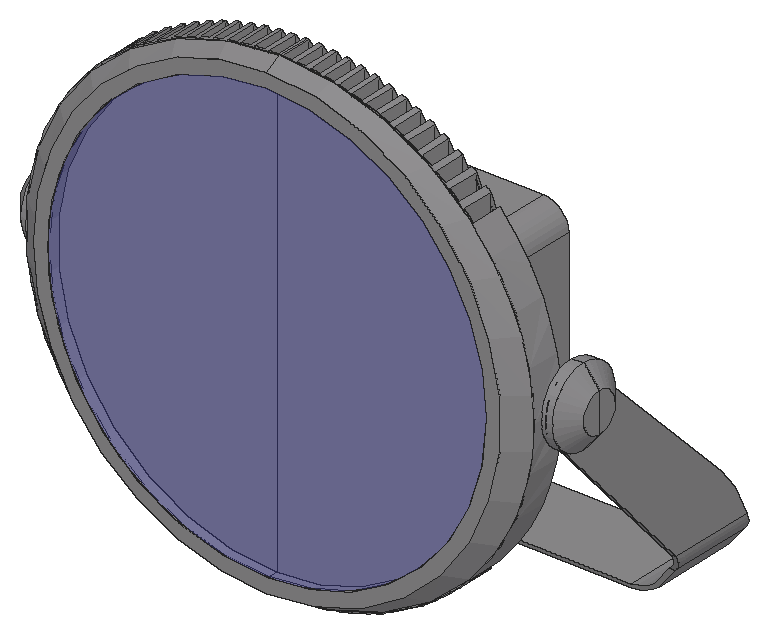
Revit family "APEX-400SP-50701-TR", category Lighting Fixtures, host Face, Revit 2022
Family settings
  Host = Face
  Round Connector Dimension = Use Diameter
  Part Type = Normal
  Cut with Voids When Loaded = Yes
  Light Source = Yes
  Maintain Annotation Orientation = No
  Shared = No
  Room Calculation Point = No
Parameters (values of type "APEX-400SP-400W-5000K-12D")
  Wattage Comments = "400W"
  Wattage = 450.378 W
  built-in parameter 1150110 = 1 (stored number, unit not read)
  URL = "https://www.abovealllighting.com/Product/LED-OUTDOOR-FIXTURES/LEDSportLight/APEXLEDSportLight-TrunnionMount.html"
  built-in parameter 1114217 = 1 (stored number, unit not read)
  Tilt Angle = 90.00°
  built-in parameter 1150109 = 1 (stored number, unit not read)
  built-in parameter 1150134 = 2
  built-in parameter 1150113 = 1 (stored number, unit not read)
  Power Factor = "0.9"
  Photometric Web File = "APEX-400SP-400W-5000K-CRI70-12D.IES"
  Model = "APEX-400SP-50701-TR-12-GY"
  Manufacturer = "Above All Lighting"  # constant formula
  built-in parameter 1150105 = 913487.3 (stored number, unit not read)
  Lumens = 66900 lm
  built-in parameter 1150115 = 1 (stored number, unit not read)
  Load Classification = Lighting
  built-in parameter 1150137 = (empty or 0)
  built-in parameter 1150139 = (empty or 0)
  built-in parameter 1150112 = 1 (stored number, unit not read)
  built-in parameter 1150114 = 1 (stored number, unit not read)
  Lamp = "LED"
  Input Voltage = "120-277V"
  built-in parameter 1150132 = 2
  built-in parameter 1150102 = (empty or 0)
  built-in parameter 1150107 = 5000 (stored number, unit not read)
  built-in parameter 1150138 = (empty or 0)
  built-in parameter 1150106 = 9134.9 (stored number, unit not read)
  IP Rating = "IP66"
  IK Rating = "IK08"
  built-in parameter 1150104 = 13.8 (stored number, unit not read)
  Dimming Lamp Color Temperature Shift = <None>
  Default Elevation = 0' - 0"
  Color Filter = 16777215
  CRI = "70"
  Beam Angle = 12.00°
  built-in parameter 1114218 = 1 (stored number, unit not read)
  built-in parameter 1150133 = 10 (stored number, unit not read)
Types (7): name | Photometric Web File | Model | Beam Angle
  (no name) | "APEX-400SP-400W-5000K-CRI70-12D.IES" | "APEX-400SP-50701-TR-12-GY" | 12.00°
  APEX-400SP-400W-5000K-12D | "APEX-400SP-400W-5000K-CRI70-12D.IES" | "APEX-400SP-50701-TR-12-GY" | 12.00°
  APEX-400SP-400W-5000K-17D | "APEX-400SP-400W-5000K-CRI70-17D.IES" | "APEX-400SP-50701-TR-17-GY" | 17.00°
  APEX-400SP-400W-5000K-22D | "APEX-400SP-400W-5000K-CRI70-22D.IES" | "APEX-400SP-50701-TR-22-GY" | 22.00°
  APEX-400SP-400W-5000K-30D | "APEX-400SP-400W-5000K-CRI70-30D.IES" | "APEX-400SP-50701-TR-30-GY" | 30.00°
  APEX-400SP-400W-5000K-45D | "APEX-400SP-400W-5000K-CRI70-45D.IES" | "APEX-400SP-50701-TR-45-GY" | 45.00°
  APEX-400SP-400W-5000K-60D | "APEX-400SP-400W-5000K-CRI70-60D.IES" | "APEX-400SP-50701-TR-60-GY" | 60.00°
Reference planes (in)
  plane 1 "Center (Front/Back)": y = 0
  plane 2: z = 0
  plane 3 "Center (Left/Right)": x = 0
  plane 4: z = 15.75
  plane 5: x = -8.445
  plane 6: x = 8.445
  plane 7: y = 9.68
  plane 8: z = 7.625
Forms (in)
  Extrusion 1, void
    sketch origin (0, 12.75, 0) x (1, 0, 0) y (0, 0, 1)
      loop
        line (5.49708, 14.75) -> (5.49708, 0.25) -> (5.77638, 0.25) -> (5.77638, 14.75) -> (5.49708, 14.75)
      loop
        line (5.07886, 14.75) -> (5.07886, 0.25) -> (5.35816, 0.25) -> (5.35816, 14.75) -> (5.07886, 14.75)
      loop
        line (4.66063, 14.75) -> (4.66063, 0.25) -> (4.93993, 0.25) -> (4.93993, 14.75) -> (4.66063, 14.75)
      loop
        line (4.24241, 14.75) -> (4.24241, 0.25) -> (4.52171, 0.25) -> (4.52171, 14.75) -> (4.24241, 14.75)
      loop
        line (3.82419, 14.75) -> (3.82419, 0.25) -> (4.10349, 0.25) -> (4.10349, 14.75) -> (3.82419, 14.75)
      loop
        line (3.40597, 14.75) -> (3.40597, 0.25) -> (3.68527, 0.25) -> (3.68527, 14.75) -> (3.40597, 14.75)
      loop
        line (2.98775, 14.75) -> (2.98775, 0.25) -> (3.26705, 0.25) -> (3.26705, 14.75) -> (2.98775, 14.75)
      loop
        line (2.56953, 14.75) -> (2.56953, 0.25) -> (2.84883, 0.25) -> (2.84883, 14.75) -> (2.56953, 14.75)
      loop
        line (2.1513, 14.75) -> (2.1513, 0.25) -> (2.4306, 0.25) -> (2.4306, 14.75) -> (2.1513, 14.75)
      loop
        line (1.73308, 14.75) -> (1.73308, 0.25) -> (2.01238, 0.25) -> (2.01238, 14.75) -> (1.73308, 14.75)
      loop
        line (1.31486, 15.14261) -> (1.31486, 0.25) -> (1.59416, 0.25) -> (1.59416, 15.14261) -> (1.31486, 15.14261)
      loop
        line (0.89664, 15.1914) -> (0.89664, 0.25) -> (1.17594, 0.25) -> (1.17594, 15.1914) -> (0.89664, 15.1914)
      loop
        line (0.47842, 15.24019) -> (0.47842, 0.25) -> (0.75772, 0.25) -> (0.75772, 15.24019) -> (0.47842, 15.24019)
      loop
        line (0.06019, 15.1914) -> (0.06019, 0.25) -> (0.33949, 0.25) -> (0.33949, 15.1914) -> (0.06019, 15.1914)
      loop
        line (-5.49708, 14.75) -> (-5.77638, 14.75) -> (-5.77638, 0.25) -> (-5.49708, 0.25) -> (-5.49708, 14.75)
      loop
        line (-5.07886, 14.75) -> (-5.35816, 14.75) -> (-5.35816, 0.25) -> (-5.07886, 0.25) -> (-5.07886, 14.75)
      loop
        line (-4.66063, 14.75) -> (-4.93993, 14.75) -> (-4.93993, 0.25) -> (-4.66063, 0.25) -> (-4.66063, 14.75)
      loop
        line (-4.24241, 14.75) -> (-4.52171, 14.75) -> (-4.52171, 0.25) -> (-4.24241, 0.25) -> (-4.24241, 14.75)
      loop
        line (-3.82419, 14.75) -> (-4.10349, 14.75) -> (-4.10349, 0.25) -> (-3.82419, 0.25) -> (-3.82419, 14.75)
      loop
        line (-3.40597, 14.75) -> (-3.68527, 14.75) -> (-3.68527, 0.25) -> (-3.40597, 0.25) -> (-3.40597, 14.75)
      loop
        line (-2.98775, 14.75) -> (-3.26705, 14.75) -> (-3.26705, 0.25) -> (-2.98775, 0.25) -> (-2.98775, 14.75)
      loop
        line (-2.56953, 14.75) -> (-2.84883, 14.75) -> (-2.84883, 0.25) -> (-2.56953, 0.25) -> (-2.56953, 14.75)
      loop
        line (-2.1513, 14.75) -> (-2.4306, 14.75) -> (-2.4306, 0.25) -> (-2.1513, 0.25) -> (-2.1513, 14.75)
      loop
        line (-1.73308, 14.75) -> (-2.01238, 14.75) -> (-2.01238, 0.25) -> (-1.73308, 0.25) -> (-1.73308, 14.75)
      loop
        line (-1.31486, 15.17188) -> (-1.59416, 15.17188) -> (-1.59416, 0.25) -> (-1.31486, 0.25) -> (-1.31486, 15.17188)
      loop
        line (-0.89664, 15.18164) -> (-1.17594, 15.18164) -> (-1.17594, 0.25) -> (-0.89664, 0.25) -> (-0.89664, 15.18164)
      loop
        line (-0.47842, 15.14261) -> (-0.75772, 15.14261) -> (-0.75772, 0.25) -> (-0.47842, 0.25) -> (-0.47842, 15.14261)
      loop
        line (-0.06019, 15.18164) -> (-0.33949, 15.18164) -> (-0.33949, 0.25) -> (-0.06019, 0.25) -> (-0.06019, 15.18164)
    from 10.23915 to 12.25
  Revolve 2, void
    sketch origin (0, 0, 0) x (0, 1, 0) y (0, 0, 1)
      loop
        line (-0.23932, 7.625) -> (0.3619, 7.625) -> (0.3619, 14.20576) -> (-0.23932, 14.20576) -> (-0.23932, 7.625)
      axis (0.3619, 7.625) -> (-0.23932, 7.625)
    angle from 0 to 360
  Extrusion 3, solid, material "Default"
    sketch origin (0, 15, 0) x (1, 0, 0) y (0, 0, 1)
      loop
        line (3.56354, 10.00409) -> (-3.56354, 10.00409)
        arc (-3.56354, 10.00409) -> (-4.09387, 9.78442) -> (-4.31354, 9.25409) r 0.75
        line (-4.31354, 9.25409) -> (-4.31354, 5.38766)
        arc (-4.31354, 5.38766) -> (-4.09387, 4.85733) -> (-3.56354, 4.63766) r 0.75
        line (-3.56354, 4.63766) -> (3.56354, 4.63766)
        arc (3.56354, 4.63766) -> (4.09387, 4.85733) -> (4.31354, 5.38766) r 0.75
        line (4.31354, 5.38766) -> (4.31354, 9.25409)
        arc (4.31354, 9.25409) -> (4.09387, 9.78442) -> (3.56354, 10.00409) r 0.75
    from 9.10697 to 12.5
  Extrusion 4, solid, material "Default"
    sketch origin (0, 13.40137, 0) x (1, 0, 0) y (0, 0, 1)
      loop
        line (-7.62621, 8.93609) -> (-7.75121, 8.93609) -> (-7.75121, 1.86939)
        arc (-7.75121, 1.86939) -> (-7.67929, 1.545) -> (-7.47702, 1.28139) r 0.76758
        line (-7.47702, 1.28139) -> (-6.7055, 0.40742)
        arc (-6.7055, 0.40742) -> (-6.28035, 0.12718) -> (-5.78729, 0) r 1.54844
        line (-5.78729, 0) -> (0, 0) -> (5.78729, 0)
        arc (5.78729, 0) -> (6.28035, 0.12718) -> (6.7055, 0.40742) r 1.54844
        line (6.7055, 0.40742) -> (7.47702, 1.28139)
        arc (7.47702, 1.28139) -> (7.67929, 1.545) -> (7.75121, 1.86939) r 0.76758
        line (7.75121, 1.86939) -> (7.75121, 8.93609) -> (7.62621, 8.93609) -> (7.62621, 1.86939)
        arc (7.62621, 1.86939) -> (7.5641, 1.59378) -> (7.38978, 1.37144) r 0.64258
        line (7.38978, 1.37144) -> (6.616, 0.49491)
        arc (6.616, 0.49491) -> (6.22931, 0.24128) -> (5.78172, 0.125) r 1.42344
        line (5.78172, 0.125) -> (0, 0.125) -> (-5.78172, 0.125)
        arc (-5.78172, 0.125) -> (-6.22931, 0.24128) -> (-6.616, 0.49491) r 1.42344
        line (-6.616, 0.49491) -> (-7.38978, 1.37144)
        arc (-7.38978, 1.37144) -> (-7.5641, 1.59378) -> (-7.62621, 1.86939) r 0.64258
        line (-7.62621, 1.86939) -> (-7.62621, 8.93609)
    from 4.30528 to 12.65137
  Extrusion 5, void
    sketch origin (0, 0, 0) x (0, 1, 0) y (0, 0, 1)
      loop
        line (7.30435, 3.43164) -> (7.84854, 2.78309) -> (8.87473, 0.58243) -> (9.14981, -0.31733) -> (10.00459, -0.31733) -> (10.00459, 9.43267) -> (-0.78521, 9.43267) -> (-0.78521, -0.09259) -> (6.46479, -0.09259) -> (6.07579, 1.17977) -> (5.58627, 1.90553) -> (1.23692, 6.73597)
        arc (1.23692, 6.73597) -> (0.8673, 7.11139) -> (0.75, 7.625) r 0.96481
        arc (0.75, 7.625) -> (1.25266, 8.52278) -> (2.27945, 8.45654) r 0.96481
        line (2.27945, 8.45654) -> (7.30435, 3.43164)
    from -8.445 to 8.445
  Revolve 6, solid, material "Default"
    sketch origin (0, 1.89632, 0) x (1, 0, 0) y (0, 0, 1)
      loop
        line (-7.62621, 7.625) -> (-7.62621, 8.79036) -> (-7.96291, 8.79036) -> (-8.445, 8.21582) -> (-8.445, 7.625) -> (-7.62621, 7.625)
      axis (-7.62621, 7.625) -> (-8.445, 7.625)
    angle from 0 to 360
  Revolve 7, solid, material "Default"
    sketch origin (0, 1.89632, 0) x (-1, 0, 0) y (0, 0, -1)
      loop
        line (-7.62621, -7.625) -> (-8.445, -7.625) -> (-8.445, -8.21582) -> (-7.96291, -8.79036) -> (-7.62621, -8.79036) -> (-7.62621, -7.625)
      axis (-7.62621, -7.625) -> (-8.445, -7.625)
    angle from 0 to 360
  SweptBlend 8, solid, material "Default"
    path origin (0, 0, 0) x (0, 1, 0) y (0, 0, 1)
      loop
        line (0, 7.625) -> (0.48915, 7.625)
    profile origin (0, 0, 7.625) x (0, 0, 1) y (1, 0, 0)
      loop
        circle (0, 0) r 7
    end profile origin (0, 0.48915, 7.625) x (0, 0, 1) y (1, 0, 0)
      loop
        spline (7.2489, 0) -> (7.0019, 1.97381) -> (6.27773, 3.8131) -> (5.12575, 5.39254) -> (3.62445, 6.60449) -> (1.87615, 7.36635) -> (0, 7.62621) -> (-1.87615, 7.36635) -> (-3.62445, 6.60449) -> (-5.12575, 5.39254) -> (-6.27773, 3.8131) -> (-7.0019, 1.97381) -> (-7.2489, 0)
        spline (-7.2489, 0) -> (-7.0019, -1.97381) -> (-6.27773, -3.8131) -> (-5.12575, -5.39254) -> (-3.62445, -6.60449) -> (-1.87615, -7.36635) -> (0, -7.62621) -> (1.87615, -7.36635) -> (3.62445, -6.60449) -> (5.12575, -5.39254) -> (6.27773, -3.8131) -> (7.0019, -1.97381) -> (7.2489, 0)
  Extrusion 9, solid, material "Glass"
    sketch origin (0, 0, 0) x (1, 0, 0) y (0, 0, 1)
      loop
        circle (0, 7.625) r 6.58076
    from -0.06301 to 0
  SweptBlend 10, solid, material "Default"
    path origin (0, 0, 0) x (0, 1, 0) y (0, 0, 1)
      loop
        line (1.50137, 7.625) -> (2.51085, 7.625)
    profile origin (0, 1.50137, 7.625) x (0, 0, 1) y (1, 0, 0)
      loop
        spline (7.2489, 0) -> (7.00186, 1.9748) -> (6.27758, 3.81503) -> (5.12542, 5.39526) -> (3.6239, 6.60782) -> (1.87534, 7.37007) -> (-0.0011, 7.63005) -> (-1.87754, 7.37007) -> (-3.6261, 6.60782) -> (-5.12762, 5.39526) -> (-6.27978, 3.81503) -> (-7.00406, 1.9748) -> (-7.2511, 0)
        spline (-7.2511, 0) -> (-7.00406, -1.9748) -> (-6.27978, -3.81503) -> (-5.12762, -5.39526) -> (-3.6261, -6.60782) -> (-1.87754, -7.37007) -> (-0.0011, -7.63005) -> (1.87534, -7.37007) -> (3.6239, -6.60782) -> (5.12542, -5.39526) -> (6.27758, -3.81503) -> (7.00186, -1.9748) -> (7.2489, 0)
    end profile origin (0, 2.51085, 7.625) x (0, 0, 1) y (1, 0, 0)
      loop
        circle (0, 0) r 5.6581
  Extrusion 11, solid, material "Default"
    sketch origin (0, 0, 0) x (1, 0, 0) y (0, 0, 1)
      loop
        spline (0, 14.87345) -> (-1.97111, 14.63892) -> (-3.81067, 13.92151) -> (-5.39207, 12.7706) -> (-6.60645, 11.26541) -> (-7.3702, 9.50956) -> (-7.63076, 7.6239) -> (-7.3702, 5.73824) -> (-6.60645, 3.98239) -> (-5.39207, 2.4772) -> (-3.81067, 1.32628) -> (-1.97111, 0.60888) -> (0, 0.37435)
        spline (0, 0.37435) -> (1.97111, 0.60888) -> (3.81067, 1.32628) -> (5.39207, 2.4772) -> (6.60645, 3.98239) -> (7.3702, 5.73824) -> (7.63076, 7.6239) -> (7.3702, 9.50956) -> (6.60645, 11.26541) -> (5.39207, 12.7706) -> (3.81067, 13.92151) -> (1.97111, 14.63892) -> (0, 14.87345)
    from -1.50137 to -0.48915
  Extrusion 12, solid, material "Default", not visible
    sketch origin (0, 13.40137, 0) x (1, 0, 0) y (0, 0, 1)
      loop
        line (-7.62621, 8.93609) -> (-7.75121, 8.93609) -> (-7.75121, 1.86939)
        arc (-7.75121, 1.86939) -> (-7.67929, 1.545) -> (-7.47702, 1.28139) r 0.76758
        line (-7.47702, 1.28139) -> (-6.7055, 0.40742)
        arc (-6.7055, 0.40742) -> (-6.28035, 0.12718) -> (-5.78729, 0) r 1.54844
        line (-5.78729, 0) -> (0, 0) -> (5.78729, 0)
        arc (5.78729, 0) -> (6.28035, 0.12718) -> (6.7055, 0.40742) r 1.54844
        line (6.7055, 0.40742) -> (7.47702, 1.28139)
        arc (7.47702, 1.28139) -> (7.67929, 1.545) -> (7.75121, 1.86939) r 0.76758
        line (7.75121, 1.86939) -> (7.75121, 8.93609) -> (7.62621, 8.93609) -> (7.62621, 1.86939)
        arc (7.62621, 1.86939) -> (7.5641, 1.59378) -> (7.38978, 1.37144) r 0.64258
        line (7.38978, 1.37144) -> (6.616, 0.49491)
        arc (6.616, 0.49491) -> (6.22931, 0.24128) -> (5.78172, 0.125) r 1.42344
        line (5.78172, 0.125) -> (0, 0.125) -> (-5.78172, 0.125)
        arc (-5.78172, 0.125) -> (-6.22931, 0.24128) -> (-6.616, 0.49491) r 1.42344
        line (-6.616, 0.49491) -> (-7.38978, 1.37144)
        arc (-7.38978, 1.37144) -> (-7.5641, 1.59378) -> (-7.62621, 1.86939) r 0.64258
        line (-7.62621, 1.86939) -> (-7.62621, 8.93609)
    from 4.30528 to 12.65137
  Revolve 13, solid, material "Default", not visible
    sketch origin (0, 1.89632, 0) x (1, 0, 0) y (0, 0, 1)
      loop
        line (-7.62621, 7.625) -> (-7.62621, 8.79036) -> (-7.96291, 8.79036) -> (-8.445, 8.21582) -> (-8.445, 7.625) -> (-7.62621, 7.625)
      axis (-7.62621, 7.625) -> (-8.445, 7.625)
    angle from 0 to 360
  Revolve 14, solid, material "Default", not visible
    sketch origin (0, 1.89632, 0) x (-1, 0, 0) y (0, 0, -1)
      loop
        line (-7.62621, -7.625) -> (-8.445, -7.625) -> (-8.445, -8.21582) -> (-7.96291, -8.79036) -> (-7.62621, -8.79036) -> (-7.62621, -7.625)
      axis (-7.62621, -7.625) -> (-8.445, -7.625)
    angle from 0 to 360
  Extrusion 15, void, not visible
    sketch origin (0, 12.75, 0) x (1, 0, 0) y (0, 0, 1)
      loop
        line (5.49708, 14.75) -> (5.49708, 0.25) -> (5.77638, 0.25) -> (5.77638, 14.75) -> (5.49708, 14.75)
      loop
        line (5.07886, 14.75) -> (5.07886, 0.25) -> (5.35816, 0.25) -> (5.35816, 14.75) -> (5.07886, 14.75)
      loop
        line (4.66063, 14.75) -> (4.66063, 0.25) -> (4.93993, 0.25) -> (4.93993, 14.75) -> (4.66063, 14.75)
      loop
        line (4.24241, 14.75) -> (4.24241, 0.25) -> (4.52171, 0.25) -> (4.52171, 14.75) -> (4.24241, 14.75)
      loop
        line (3.82419, 14.75) -> (3.82419, 0.25) -> (4.10349, 0.25) -> (4.10349, 14.75) -> (3.82419, 14.75)
      loop
        line (3.40597, 14.75) -> (3.40597, 0.25) -> (3.68527, 0.25) -> (3.68527, 14.75) -> (3.40597, 14.75)
      loop
        line (2.98775, 14.75) -> (2.98775, 0.25) -> (3.26705, 0.25) -> (3.26705, 14.75) -> (2.98775, 14.75)
      loop
        line (2.56953, 14.75) -> (2.56953, 0.25) -> (2.84883, 0.25) -> (2.84883, 14.75) -> (2.56953, 14.75)
      loop
        line (2.1513, 14.75) -> (2.1513, 0.25) -> (2.4306, 0.25) -> (2.4306, 14.75) -> (2.1513, 14.75)
      loop
        line (1.73308, 14.75) -> (1.73308, 0.25) -> (2.01238, 0.25) -> (2.01238, 14.75) -> (1.73308, 14.75)
      loop
        line (1.31486, 15.14261) -> (1.31486, 0.25) -> (1.59416, 0.25) -> (1.59416, 15.14261) -> (1.31486, 15.14261)
      loop
        line (0.89664, 15.1914) -> (0.89664, 0.25) -> (1.17594, 0.25) -> (1.17594, 15.1914) -> (0.89664, 15.1914)
      loop
        line (0.47842, 15.24019) -> (0.47842, 0.25) -> (0.75772, 0.25) -> (0.75772, 15.24019) -> (0.47842, 15.24019)
      loop
        line (0.06019, 15.1914) -> (0.06019, 0.25) -> (0.33949, 0.25) -> (0.33949, 15.1914) -> (0.06019, 15.1914)
      loop
        line (-5.49708, 14.75) -> (-5.77638, 14.75) -> (-5.77638, 0.25) -> (-5.49708, 0.25) -> (-5.49708, 14.75)
      loop
        line (-5.07886, 14.75) -> (-5.35816, 14.75) -> (-5.35816, 0.25) -> (-5.07886, 0.25) -> (-5.07886, 14.75)
      loop
        line (-4.66063, 14.75) -> (-4.93993, 14.75) -> (-4.93993, 0.25) -> (-4.66063, 0.25) -> (-4.66063, 14.75)
      loop
        line (-4.24241, 14.75) -> (-4.52171, 14.75) -> (-4.52171, 0.25) -> (-4.24241, 0.25) -> (-4.24241, 14.75)
      loop
        line (-3.82419, 14.75) -> (-4.10349, 14.75) -> (-4.10349, 0.25) -> (-3.82419, 0.25) -> (-3.82419, 14.75)
      loop
        line (-3.40597, 14.75) -> (-3.68527, 14.75) -> (-3.68527, 0.25) -> (-3.40597, 0.25) -> (-3.40597, 14.75)
      loop
        line (-2.98775, 14.75) -> (-3.26705, 14.75) -> (-3.26705, 0.25) -> (-2.98775, 0.25) -> (-2.98775, 14.75)
      loop
        line (-2.56953, 14.75) -> (-2.84883, 14.75) -> (-2.84883, 0.25) -> (-2.56953, 0.25) -> (-2.56953, 14.75)
      loop
        line (-2.1513, 14.75) -> (-2.4306, 14.75) -> (-2.4306, 0.25) -> (-2.1513, 0.25) -> (-2.1513, 14.75)
      loop
        line (-1.73308, 14.75) -> (-2.01238, 14.75) -> (-2.01238, 0.25) -> (-1.73308, 0.25) -> (-1.73308, 14.75)
      loop
        line (-1.31486, 15.17188) -> (-1.59416, 15.17188) -> (-1.59416, 0.25) -> (-1.31486, 0.25) -> (-1.31486, 15.17188)
      loop
        line (-0.89664, 15.18164) -> (-1.17594, 15.18164) -> (-1.17594, 0.25) -> (-0.89664, 0.25) -> (-0.89664, 15.18164)
      loop
        line (-0.47842, 15.14261) -> (-0.75772, 15.14261) -> (-0.75772, 0.25) -> (-0.47842, 0.25) -> (-0.47842, 15.14261)
      loop
        line (-0.06019, 15.18164) -> (-0.33949, 15.18164) -> (-0.33949, 0.25) -> (-0.06019, 0.25) -> (-0.06019, 15.18164)
    from 10.23915 to 12.25
  Revolve 16, void, not visible
    sketch origin (0, 0, 0) x (0, 1, 0) y (0, 0, 1)
      loop
        line (-0.23932, 7.625) -> (0.3619, 7.625) -> (0.3619, 14.20576) -> (-0.23932, 14.20576) -> (-0.23932, 7.625)
      axis (0.3619, 7.625) -> (-0.23932, 7.625)
    angle from 0 to 360
  Extrusion 17, solid, material "Default", not visible
    sketch origin (0, 15, 0) x (1, 0, 0) y (0, 0, 1)
      loop
        line (3.56354, 10.00409) -> (-3.56354, 10.00409)
        arc (-3.56354, 10.00409) -> (-4.09387, 9.78442) -> (-4.31354, 9.25409) r 0.75
        line (-4.31354, 9.25409) -> (-4.31354, 5.38766)
        arc (-4.31354, 5.38766) -> (-4.09387, 4.85733) -> (-3.56354, 4.63766) r 0.75
        line (-3.56354, 4.63766) -> (3.56354, 4.63766)
        arc (3.56354, 4.63766) -> (4.09387, 4.85733) -> (4.31354, 5.38766) r 0.75
        line (4.31354, 5.38766) -> (4.31354, 9.25409)
        arc (4.31354, 9.25409) -> (4.09387, 9.78442) -> (3.56354, 10.00409) r 0.75
    from 9.10697 to 12.5
  SweptBlend 18, solid, material "Default", not visible
    path origin (0, 0, 0) x (0, 1, 0) y (0, 0, 1)
      loop
        line (0, 7.625) -> (0.48915, 7.625)
    profile origin (0, 0, 7.625) x (0, 0, 1) y (1, 0, 0)
      loop
        circle (0, 0) r 7
    end profile origin (0, 0.48915, 7.625) x (0, 0, 1) y (1, 0, 0)
      loop
        spline (7.2489, 0) -> (7.0019, 1.97381) -> (6.27773, 3.8131) -> (5.12575, 5.39254) -> (3.62445, 6.60449) -> (1.87615, 7.36635) -> (0, 7.62621) -> (-1.87615, 7.36635) -> (-3.62445, 6.60449) -> (-5.12575, 5.39254) -> (-6.27773, 3.8131) -> (-7.0019, 1.97381) -> (-7.2489, 0)
        spline (-7.2489, 0) -> (-7.0019, -1.97381) -> (-6.27773, -3.8131) -> (-5.12575, -5.39254) -> (-3.62445, -6.60449) -> (-1.87615, -7.36635) -> (0, -7.62621) -> (1.87615, -7.36635) -> (3.62445, -6.60449) -> (5.12575, -5.39254) -> (6.27773, -3.8131) -> (7.0019, -1.97381) -> (7.2489, 0)
  Extrusion 19, solid, material "Glass", not visible
    sketch origin (0, 0, 0) x (1, 0, 0) y (0, 0, 1)
      loop
        circle (0, 7.625) r 6.58076
    from -0.06301 to 0
  SweptBlend 20, solid, material "Default", not visible
    path origin (0, 0, 0) x (0, 1, 0) y (0, 0, 1)
      loop
        line (1.50137, 7.625) -> (2.51085, 7.625)
    profile origin (0, 1.50137, 7.625) x (0, 0, 1) y (1, 0, 0)
      loop
        spline (7.2489, 0) -> (7.00186, 1.9748) -> (6.27758, 3.81503) -> (5.12542, 5.39526) -> (3.6239, 6.60782) -> (1.87534, 7.37007) -> (-0.0011, 7.63005) -> (-1.87754, 7.37007) -> (-3.6261, 6.60782) -> (-5.12762, 5.39526) -> (-6.27978, 3.81503) -> (-7.00406, 1.9748) -> (-7.2511, 0)
        spline (-7.2511, 0) -> (-7.00406, -1.9748) -> (-6.27978, -3.81503) -> (-5.12762, -5.39526) -> (-3.6261, -6.60782) -> (-1.87754, -7.37007) -> (-0.0011, -7.63005) -> (1.87534, -7.37007) -> (3.6239, -6.60782) -> (5.12542, -5.39526) -> (6.27758, -3.81503) -> (7.00186, -1.9748) -> (7.2489, 0)
    end profile origin (0, 2.51085, 7.625) x (0, 0, 1) y (1, 0, 0)
      loop
        circle (0, 0) r 5.6581
  Extrusion 21, solid, material "Default", not visible
    sketch origin (0, 0, 0) x (1, 0, 0) y (0, 0, 1)
      loop
        spline (0, 14.87345) -> (-1.97111, 14.63892) -> (-3.81067, 13.92151) -> (-5.39207, 12.7706) -> (-6.60645, 11.26541) -> (-7.3702, 9.50956) -> (-7.63076, 7.6239) -> (-7.3702, 5.73824) -> (-6.60645, 3.98239) -> (-5.39207, 2.4772) -> (-3.81067, 1.32628) -> (-1.97111, 0.60888) -> (0, 0.37435)
        spline (0, 0.37435) -> (1.97111, 0.60888) -> (3.81067, 1.32628) -> (5.39207, 2.4772) -> (6.60645, 3.98239) -> (7.3702, 5.73824) -> (7.63076, 7.6239) -> (7.3702, 9.50956) -> (6.60645, 11.26541) -> (5.39207, 12.7706) -> (3.81067, 13.92151) -> (1.97111, 14.63892) -> (0, 14.87345)
    from -1.50137 to -0.48915
Cuts and joins
  Extrusion 5 cuts Extrusion 4
  Revolve 2 cuts SweptBlend 8
  Extrusion 1 cuts SweptBlend 10
  Extrusion 1 cuts Extrusion 11
Dimensions and locks (in)
  aligned and locked: plane 2 to host face
  aligned and locked: level to host face
Automatic sketch dimensions
  host sketch curve to host sketch curve = 8' - 0"  (x2)
  Extrusion 1 sketch curve to Extrusion 1 sketch curve = 0' - 0.2793"  (x28)
  Extrusion 1 sketch curve to Extrusion 1 sketch curve = 0' - 0.13892"  (x26)
  Extrusion 1 sketch curve to Extrusion 1 sketch curve = 0' - 0"  (x45)
  Extrusion 1 sketch curve to Extrusion 1 sketch curve = 0' - 0.04879"  (x3)
  Extrusion 1 sketch curve to Extrusion 1 sketch curve = 0' - 0.39261"  (x2)
  Extrusion 1 sketch curve to Extrusion 1 sketch curve = 0' - 0 27/64"
  Extrusion 1 sketch curve to Extrusion 1 sketch curve = 0' - 0.00976"  (x2)
  Extrusion 1 sketch curve to Extrusion 1 sketch curve = 0' - 0.03903"
  Revolve 2 sketch curve to Revolve 2 sketch curve = 0' - 0.60122"
  Extrusion 3 sketch curve to Extrusion 3 sketch curve = 0' - 0 3/4"  (x3)
  Extrusion 4 sketch curve to Extrusion 4 sketch curve = 0' - 0"  (x17)
  Extrusion 4 sketch curve to Extrusion 4 sketch curve = 0' - 0.12938"  (x2)
  Extrusion 4 sketch curve to Extrusion 4 sketch curve = 0' - 0.00557"  (x2)
  Extrusion 4 sketch curve to Extrusion 4 sketch curve = 0' - 0.83428"  (x2)
  Extrusion 4 sketch curve to Extrusion 4 sketch curve = 0' - 1.33129"  (x2)
  Extrusion 4 sketch curve to Extrusion 4 sketch curve = 0' - 0.40615"  (x2)
  Extrusion 4 sketch curve to Extrusion 4 sketch curve = 0' - 0.08724"  (x2)
  Extrusion 4 sketch curve to Extrusion 4 sketch curve = 0' - 0.23643"  (x2)
  Extrusion 4 sketch curve to Extrusion 4 sketch curve = 0' - 0 1/8"  (x3)
  Extrusion 4 sketch curve to Extrusion 4 sketch curve = 0' - 0.87397"  (x2)
  plane 8 to Extrusion 5 sketch curve = 0' - 0"
  plane 1 "Center (Front/Back)" to Extrusion 5 sketch curve = 0' - 0.78521"
  Extrusion 5 sketch curve to plane 1 "Center (Front/Back)" = 0' - 1.23692"
  Extrusion 5 sketch curve to plane 8 = 0' - 0.05015"
  Extrusion 5 sketch curve to Extrusion 5 sketch curve = 0' - 0.47659"
  plane 8 to Extrusion 5 sketch curve = 0' - 0.05015"
  Extrusion 5 sketch curve to Extrusion 5 sketch curve = 0' - 0"
  Extrusion 5 sketch curve to plane 8 = 0' - 0.83154"
  Extrusion 5 sketch curve to Extrusion 5 sketch curve = 0' - 0.56594"
  level to Extrusion 5 sketch curve = 0' - 1.90553"
  Extrusion 5 sketch curve to plane 7 = 0' - 4 3/32"
  level to Extrusion 5 sketch curve = 0' - 1.17977"
  Extrusion 5 sketch curve to Extrusion 5 sketch curve = 0' - 0.48953"
  Extrusion 5 sketch curve to level = 0' - 0.09259"
  Extrusion 5 sketch curve to Extrusion 5 sketch curve = 0' - 0.389"
  Extrusion 5 sketch curve to Extrusion 5 sketch curve = 0' - 1.71808"
  Extrusion 5 sketch curve to Extrusion 5 sketch curve = 0' - 0.5442"
  Extrusion 5 sketch curve to plane 7 = 0' - 0.80527"
  Extrusion 5 sketch curve to plane 7 = 0' - 0.53019"
  plane 7 to Extrusion 5 sketch curve = 0' - 0.32459"
  Extrusion 5 sketch curve to level = 0' - 0.31733"
  level to Extrusion 5 sketch curve = 0' - 0.58243"
  Extrusion 5 sketch curve to Extrusion 5 sketch curve = 0' - 1.60332"
  Extrusion 5 sketch curve to Extrusion 5 sketch curve = 0' - 0.64855"
  Extrusion 5 sketch curve to plane 8 = 0' - 1.80767"
  Revolve 6 sketch curve to Revolve 6 sketch curve = 0' - 0.3367"
  Revolve 6 sketch curve to Revolve 6 sketch curve = 0' - 0.59082"
  Revolve 6 sketch curve to Revolve 6 sketch curve = 0' - 0.57453"
  Revolve 7 sketch curve to Revolve 7 sketch curve = 0' - 0.3367"
  Revolve 7 sketch curve to Revolve 7 sketch curve = 0' - 0.57453"
  SweptBlend 8 sketch curve to profile plane = 0' - 0"  (x4)
  SweptBlend 8 sketch curve to SweptBlend 8 sketch curve = 0' - 7.2489"
  SweptBlend 8 sketch curve to SweptBlend 8 sketch curve = 0' - 0.48915"
  profile plane to SweptBlend 10 sketch curve = 0' - 7.2511"
  profile plane to SweptBlend 10 sketch curve = 0' - 0.0011"
  SweptBlend 10 sketch curve to profile plane = 0' - 0"  (x3)
  SweptBlend 10 sketch curve to SweptBlend 10 sketch curve = 0' - 1.00948"
  Extrusion 4 sketch curve to Extrusion 4 sketch curve = 0' - 0.0895"  (x2)
  Extrusion 4 sketch curve to Extrusion 4 sketch curve = 0' - 5.78172"
  Extrusion 4 sketch curve to Extrusion 4 sketch curve = 0' - 5 167/256"
  Extrusion 4 sketch curve to Extrusion 4 sketch curve = 0' - 0.28242"  (x2)
  Extrusion 4 sketch curve to Extrusion 4 sketch curve = 0' - 7.0667"  (x2)
  Revolve 6 sketch curve to Revolve 6 sketch curve = 0' - 0.48209"
  Revolve 6 sketch curve to Revolve 6 sketch curve = 4' - 3.97368"
  Revolve 6 sketch curve to Revolve 6 sketch curve = 6' - 0.97162"
  Revolve 6 sketch curve to Revolve 6 sketch curve = 0' - 0"
  Revolve 7 sketch curve to Revolve 7 sketch curve = 0' - 0.48209"
  Revolve 7 sketch curve to Revolve 7 sketch curve = 0' - 0.59082"
  Revolve 7 sketch curve to Revolve 7 sketch curve = 4' - 3.97368"
  Revolve 7 sketch curve to Revolve 7 sketch curve = 6' - 0.97162"
  Revolve 7 sketch curve to Revolve 7 sketch curve = 0' - 0"
  Extrusion 12 sketch curve to Extrusion 12 sketch curve = 0' - 0"  (x17)
  Extrusion 12 sketch curve to Extrusion 12 sketch curve = 0' - 0.12938"  (x2)
  Extrusion 12 sketch curve to Extrusion 12 sketch curve = 0' - 0.00557"  (x2)
  Extrusion 12 sketch curve to Extrusion 12 sketch curve = 0' - 0.83428"  (x2)
  Extrusion 12 sketch curve to Extrusion 12 sketch curve = 0' - 1.33129"  (x2)
  Extrusion 12 sketch curve to Extrusion 12 sketch curve = 0' - 0.40615"  (x2)
  Extrusion 12 sketch curve to Extrusion 12 sketch curve = 0' - 0.08724"  (x2)
  Extrusion 12 sketch curve to Extrusion 12 sketch curve = 0' - 0.23643"  (x2)
  Extrusion 12 sketch curve to Extrusion 12 sketch curve = 0' - 0 1/8"  (x3)
  Extrusion 12 sketch curve to Extrusion 12 sketch curve = 0' - 0.87397"  (x2)
  Revolve 13 sketch curve to Revolve 13 sketch curve = 0' - 0.3367"
  Revolve 13 sketch curve to Revolve 13 sketch curve = 0' - 0.59082"
  Revolve 13 sketch curve to Revolve 13 sketch curve = 0' - 0.57453"
  Revolve 14 sketch curve to Revolve 14 sketch curve = 0' - 0.3367"
  Revolve 14 sketch curve to Revolve 14 sketch curve = 0' - 0.57453"
  Extrusion 12 sketch curve to Extrusion 12 sketch curve = 0' - 0.0895"  (x2)
  Extrusion 12 sketch curve to Extrusion 12 sketch curve = 0' - 5.78172"
  Extrusion 12 sketch curve to Extrusion 12 sketch curve = 0' - 5 167/256"
  Extrusion 12 sketch curve to Extrusion 12 sketch curve = 0' - 0.28242"  (x2)
  Extrusion 12 sketch curve to Extrusion 12 sketch curve = 0' - 7.0667"  (x2)
  Revolve 13 sketch curve to Revolve 13 sketch curve = 0' - 0.48209"
  Revolve 13 sketch curve to Revolve 13 sketch curve = 4' - 3.97368"
  Revolve 13 sketch curve to Revolve 13 sketch curve = 6' - 0.97162"
  Revolve 13 sketch curve to Revolve 13 sketch curve = 0' - 0"
  Revolve 14 sketch curve to Revolve 14 sketch curve = 0' - 0.48209"
  Revolve 14 sketch curve to Revolve 14 sketch curve = 0' - 0.59082"
  Revolve 14 sketch curve to Revolve 14 sketch curve = 4' - 3.97368"
  Revolve 14 sketch curve to Revolve 14 sketch curve = 6' - 0.97162"
  Revolve 14 sketch curve to Revolve 14 sketch curve = 0' - 0"
  Extrusion 1 sketch curve to Extrusion 1 sketch curve = 0' - 0.12039"
  Extrusion 1 sketch curve to Extrusion 1 sketch curve = 1' - 2 1/2"
  Revolve 2 sketch curve to Revolve 2 sketch curve = 0' - 6.58076"
  Revolve 2 sketch curve to Revolve 2 sketch curve = 0' - 10.55235"
  Revolve 2 sketch curve to Revolve 2 sketch curve = 1' - 3.0681"
  Revolve 2 sketch curve to Revolve 2 sketch curve = 0' - 0"
  Extrusion 3 sketch curve to Extrusion 3 sketch curve = 0' - 7.12708"
  Extrusion 3 sketch curve to Extrusion 3 sketch curve = 0' - 0"  (x2)
  Extrusion 3 sketch curve to Extrusion 3 sketch curve = 0' - 3.86643"
  Extrusion 11 sketch curve to Extrusion 11 sketch curve = 0' - 0.06019"  (x3)
  Extrusion 11 sketch curve to Extrusion 11 sketch curve = 0' - 7.24955"
  Extrusion 15 sketch curve to Extrusion 15 sketch curve = 0' - 0.2793"  (x28)
  Extrusion 15 sketch curve to Extrusion 15 sketch curve = 0' - 0.13892"  (x26)
  Extrusion 15 sketch curve to Extrusion 15 sketch curve = 0' - 0"  (x45)
  Extrusion 15 sketch curve to Extrusion 15 sketch curve = 0' - 0.04879"  (x3)
  Extrusion 15 sketch curve to Extrusion 15 sketch curve = 0' - 0.39261"  (x2)
  Extrusion 15 sketch curve to Extrusion 15 sketch curve = 0' - 0 27/64"
  Extrusion 15 sketch curve to Extrusion 15 sketch curve = 0' - 0.00976"  (x2)
  Extrusion 15 sketch curve to Extrusion 15 sketch curve = 0' - 0.03903"
  Revolve 16 sketch curve to Revolve 16 sketch curve = 0' - 0.60122"
  Extrusion 17 sketch curve to Extrusion 17 sketch curve = 0' - 0 3/4"  (x3)
  SweptBlend 18 sketch curve to profile plane = 0' - 0"  (x4)
  SweptBlend 18 sketch curve to SweptBlend 18 sketch curve = 0' - 7.2489"
  SweptBlend 18 sketch curve to SweptBlend 18 sketch curve = 0' - 0.48915"
  profile plane to SweptBlend 20 sketch curve = 0' - 7.2511"
  profile plane to SweptBlend 20 sketch curve = 0' - 0.0011"
  SweptBlend 20 sketch curve to profile plane = 0' - 0"  (x3)
  SweptBlend 20 sketch curve to SweptBlend 20 sketch curve = 0' - 1.00948"
  Extrusion 15 sketch curve to Extrusion 15 sketch curve = 0' - 0.12039"
  Extrusion 15 sketch curve to Extrusion 15 sketch curve = 1' - 2 1/2"
  Revolve 16 sketch curve to Revolve 16 sketch curve = 0' - 6.58076"
  Revolve 16 sketch curve to Revolve 16 sketch curve = 0' - 10.55235"
  Revolve 16 sketch curve to Revolve 16 sketch curve = 1' - 3.0681"
  Revolve 16 sketch curve to Revolve 16 sketch curve = 0' - 0"
  Extrusion 17 sketch curve to Extrusion 17 sketch curve = 0' - 7.12708"
  Extrusion 17 sketch curve to Extrusion 17 sketch curve = 0' - 0"  (x2)
  Extrusion 17 sketch curve to Extrusion 17 sketch curve = 0' - 3.86643"
  Extrusion 21 sketch curve to Extrusion 21 sketch curve = 0' - 0.06019"  (x3)
  Extrusion 21 sketch curve to Extrusion 21 sketch curve = 0' - 7.24955"
  radius of SweptBlend 8 sketch curve = 0' - 7"
  radius of Extrusion 9 sketch curve = 0' - 6.58076"
  radius of SweptBlend 10 sketch curve = 0' - 5.6581"
  radius of SweptBlend 18 sketch curve = 0' - 7"
  radius of Extrusion 19 sketch curve = 0' - 6.58076"
  radius of SweptBlend 20 sketch curve = 0' - 5.6581"
